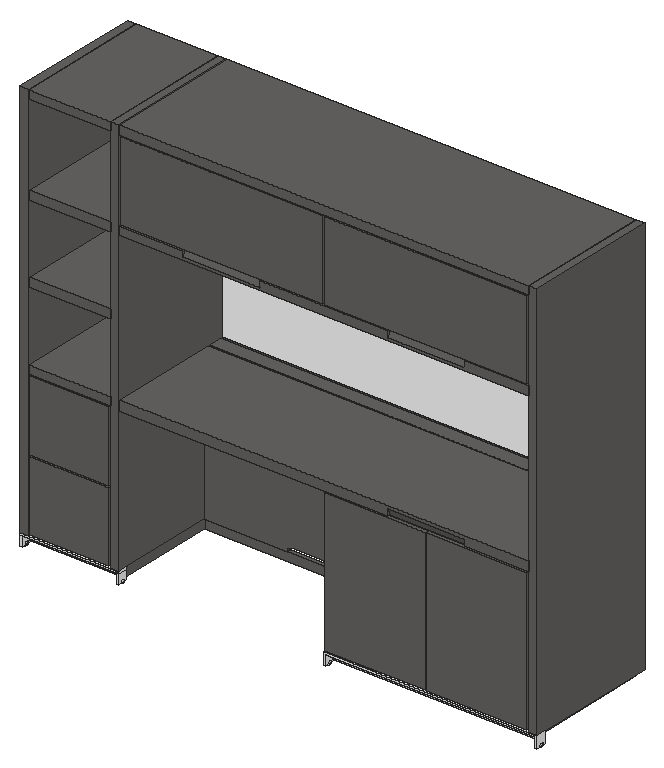
Revit family "Storage-Wall-Teknion-ZXLR_74_High_Without_Lights-R2011", category Furniture Systems, Revit 2013
Parameters (values of type "(See Type Catalog)")
  Working Wall Finish [instance] = Glass - Teknion - K6 - White Backpainted
  Width = 92.642"
  Warranty = "http://www.teknionstudio.com/pdfs/Teknion%20Studio%20Warranty.pdf"
  Wall Unit Finish [instance] = Veneer - Teknion - P7 - Grey Oak
  Unit Weight = 685.00 lbf
  URL = "www.teknionstudio.com"
  Tabletop Cutout Offset = if(Has Double Doors, 0", 4")  # 0"
  Storage Tower = Storage-Unit-Teknion-Tower : Upper Shelves & File/File Pedestal
  Series = "B&B Italia"
  Product Page URL = "http://www.teknionstudio.com/acexecutive/"
  Product Line = "AC Executive"
  Product Documentation Link = "http://www.teknionstudio.com/pricing/ac_executive_storage_walls_ppg.pdf"
  Part Number = "ZXLR"
  Model = ""
  Manufacturer Phone = "919-464-2920"
  Manufacturer Fax = "919-464-2927"
  Manufacturer Email = "customersupport@teknionstudio.com"
  Manufacturer Address = "3940 US 70 Business HWY West, Clayton, NC 27520"
  Manufacturer = "Teknion Studio"  # constant formula
  Low Emitting Material = yes
  Low Emitting Finish = yes
  Height = 73.81394"
  Has File File Drawers = not(Has Double Doors)  # no
  Has Double Doors = yes
  Description = ""
  Depth = 24"
  Assembly Code = "E2020200"
Reference planes (in)
  plane 1 "Center F/B": y = 0
  plane 2: z = 0
  plane 3 "Back": y = 12
  plane 4 "Front": y = -12
  plane 5 "Top": z = 73.81394
  plane 6: x = 28.60446
  plane 7: z = 29.68402
  plane 8: z = 56.1289
  plane 9: x = -44.7815
  plane 10: z = 2.1289
  plane 11: x = -8.08858
  plane 12 "Foot Centerline": y = -11.2126
  plane 13 "Tabletop Cutout": y = -12
  plane 14 "Foot Centerline Front": y = -10.22835
  plane 15 "Foot Centerline Back": y = 10.22835
  plane 16: y = -8.484
  plane 17 "Left": x = -62.49817
  plane 18 "Right": x = 30.14383
  plane 19 "Center L/R": x = -16.17717
Forms (in)
  Sweep 1, solid, material "Veneer - Teknion - P7 - Grey Oak" <- "Wall Unit Finish"
    path origin (0, 0, 15.40683) x (-1, 0, 0) y (0, -1, 0)
      loop
        line (0, -12) -> (0, 12)
    profile origin (0, 0, 15.40683) x (1, 0, 0) y (0, 0, 1)
      loop
        line (30.14383, -13.27793) -> (30.14383, 58.4071) -> (28.60446, 58.4071) -> (28.60446, -13.27793) -> (30.14383, -13.27793)
  Sweep 2, solid, material "Metal - Teknion - C6 - Chrome"
    path origin (0, 0, 0) x (1, 0, 0) y (0, 0, 1)
      loop
        line (-8.08858, 0.05803) -> (-8.08858, 2.1289) -> (30.14383, 2.1289) -> (30.14383, 0.05803)
    profile origin (11.02763, 0, 2.1289) x (0, 0, 1) y (0, -1, 0)
      loop
        line (0, 12) -> (-0.394, 12) -> (-0.394, 10.4252) -> (0, 10.4252) -> (0, 12)
  Sweep 3, solid, material "Metal - Teknion - C6 - Chrome"
    path origin (0, 0, 0) x (1, 0, 0) y (0, 0, 1)
      loop
        line (-8.08858, 2.1289) -> (30.14383, 2.1289)
    profile origin (11.02763, 0, 2.1289) x (0, 0, 1) y (0, -1, 0)
      loop
        line (-0.394, 10.6222) -> (-1.5748, 10.6222) -> (-1.5748, 10.4252) -> (-0.394, 10.4252) -> (-0.394, 10.6222)
  Revolve 4, solid, material "Metal - Teknion - C6 - Chrome"
    sketch origin (0.39385, -11.2126, 0) x (0, 0, -1) y (1, 0, 0)
      loop
        line (-0.4911, -8.28543) -> (-0.4911, -8.62008) -> (-0.45173, -8.65945) -> (-0.28492, -8.65945) -> (-0.24555, -8.62008) -> (-0.20618, -8.65945) -> (-0.03937, -8.65945) -> (0, -8.62008) -> (0, -8.28543) -> (-0.4911, -8.28543)
      axis (0, -8.28543) -> (-0.4911, -8.28543)
    angle from 0 to 360
  Sweep 5, solid, material "Veneer - Teknion - P7 - Grey Oak" <- "Wall Unit Finish"
    path origin (0, 0, 0) x (1, 0, 0) y (0, 0, 1)
      loop
        line (-44.7815, 29.68402) -> (28.60446, 29.68402)
    profile origin (-8.08852, 0, 29.68402) x (0, 0, 1) y (0, -1, 0)
      loop
        line (0, 12) -> (-1.7638, 12) -> (-1.7638, -7.11393) -> (-5.30827, -7.11393) -> (-5.30827, -7.08268) -> (-27.55512, -7.08268) -> (-27.55512, -7.11393) -> (-29.0945, -7.11393) -> (-29.0945, -7.80668) -> (-5.30828, -7.80668) -> (-5.30828, -12) -> (44.12992, -12) -> (44.12992, 12) -> (42.59022, 12) -> (42.59022, 11.2126) -> (27.98392, 11.2126) -> (27.98392, 12) -> (26.44488, 12) -> (26.44488, -10.94094) -> (0, -10.94094) -> (0, -10.90969) -> (-0.72441, -10.90969) -> (-0.72441, -10.56693) -> (0, -10.56693) -> (0, -8.05709) -> (-0.72441, -8.05709) -> (-0.72441, -7.80709) -> (0, -7.80709) -> (0, 12)
  Sweep 6, solid, material "Veneer - Teknion - P7 - Grey Oak" <- "Wall Unit Finish"
    path origin (0, 0, 0) x (1, 0, 0) y (0, 0, 1)
      loop
        line (-8.08858, 29.68402) -> (28.60446, 29.68402)
    profile origin (10.25794, 0, 29.68402) x (0, 0, 1) y (0, -1, 0)
      loop
        line (-1.7638, 11.27559) -> (-27.55512, 11.27559) -> (-27.55512, 10.4252) -> (-29.0945, 10.4252) -> (-29.0945, -12) -> (-1.7638, -12) -> (-1.7638, 11.27559)
  Sweep 7, solid, material "Veneer - Teknion - P7 - Grey Oak" <- "Wall Unit Finish"
    path origin (0, 0, 15.40683) x (-1, 0, 0) y (0, -1, 0)
      loop
        line (16.17717, 12) -> (16.17717, 11.276)
    profile origin (-16.17717, -11.638, 15.40683) x (-1, 0, 0) y (0, 0, 1)
      loop
        line (28.35433, 42.5111) -> (28.35433, 56.6174) -> (-7.96358, 56.6174) -> (-7.96358, 42.5111) -> (28.35433, 42.5111)
      loop
        line (-8.21358, 56.6174) -> (-44.53163, 56.6174) -> (-44.53163, 42.5111) -> (-8.21358, 42.5111) -> (-8.21358, 56.6174)
  Sweep 8, solid, material "Veneer - Teknion - P7 - Grey Oak" <- "Wall Unit Finish", visible <- "Has Double Doors"
    path origin (0, 0, 15.40683) x (-1, 0, 0) y (0, -1, 0)
      loop
        line (16.17717, 12) -> (16.17717, 11.276)
    profile origin (-16.17717, -11.638, 15.40683) x (-1, 0, 0) y (0, 0, 1)
      loop
        line (-44.5315, 12.26339) -> (-44.5315, -13.03482) -> (-26.54031, -13.03482) -> (-26.54031, 12.26339) -> (-44.5315, 12.26339)
      loop
        line (-26.29031, 12.26339) -> (-26.29031, -13.03482) -> (-8.33858, -13.03482) -> (-8.33858, 12.26339) -> (-26.29031, 12.26339)
  Sweep 9, solid, material "Veneer - Teknion - P7 - Grey Oak" <- "Wall Unit Finish", visible <- "Has File File Drawers"
    path origin (0, 0, 15.40683) x (-1, 0, 0) y (0, -1, 0)
      loop
        line (16.17717, 12) -> (16.17717, 11.276)
    profile origin (-16.17717, -11.638, 15.40683) x (-1, 0, 0) y (0, 0, 1)
      loop
        line (-44.5315, 12.26339) -> (-44.5315, 0.01144) -> (-8.33858, 0.01144) -> (-8.33858, 12.26339) -> (-44.5315, 12.26339)
      loop
        line (-8.33858, -0.77597) -> (-44.5315, -0.77597) -> (-44.5315, -13.03482) -> (-8.33858, -13.03482) -> (-8.33858, -0.77597)
  Sweep 10, void
    path origin (0, 0, 0) x (1, 0, 0) y (0, 0, 1)
      loop
        line (3.34838, 29.68402) -> (17.12791, 29.68402)
    profile origin (10.23815, 0, 29.68402) x (0, 0, 1) y (0, -1, 0)
      loop
        line (-1.7638, 12) -> (-1.7638, 11.52756) -> (-0.66143, 12) -> (-1.7638, 12)
  Sweep 11, void
    path origin (0, 0, 0) x (1, 0, 0) y (0, 0, 1)
      loop
        line (-33.3248, 56.1289) -> (-19.54528, 56.1289)
    profile origin (-26.43504, 0, 56.1289) x (0, 0, 1) y (0, -1, 0)
      loop
        line (1.53937, 12) -> (0.43699, 12) -> (1.53937, 11.52755) -> (1.53937, 12)
  Sweep 12, void
    path origin (0, 0, 0) x (1, 0, 0) y (0, 0, 1)
      loop
        line (3.36811, 56.1289) -> (17.14764, 56.1289)
    profile origin (10.25787, 0, 56.1289) x (0, 0, 1) y (0, -1, 0)
      loop
        line (1.53937, 11.52755) -> (1.53937, 12) -> (0.43699, 12) -> (1.53937, 11.52755)
  Sweep 13, void
    path origin (0, 0, 15.40683) x (-1, 0, 0) y (0, -1, 0)
      loop
        line (0, -7.80668) -> (0, -7.08268)
    profile origin (0, 7.44468, 15.40683) x (1, 0, 0) y (0, 0, 1)
      loop
        line (-29.86024, 8.96892) -> (-29.86024, 8.10396)
        arc (-29.86024, 8.10396) -> (-29.62961, 7.54718) -> (-29.07283, 7.31655) r 0.7874
        line (-29.07283, 7.31655) -> (-23.75787, 7.31655)
        arc (-23.75787, 7.31655) -> (-23.2011, 7.54718) -> (-22.97047, 8.10396) r 0.7874
        line (-22.97047, 8.10396) -> (-22.97047, 8.96892) -> (-29.86024, 8.96892)
      loop
        line (-22.97047, -13.27793) -> (-22.97047, -13.12045)
        arc (-22.97047, -13.12045) -> (-23.18957, -12.59152) -> (-23.7185, -12.37242) r 0.74803
        line (-23.7185, -12.37242) -> (-29.1122, -12.37242)
        arc (-29.1122, -12.37242) -> (-29.64114, -12.59152) -> (-29.86024, -13.12045) r 0.74803
        line (-29.86024, -13.12045) -> (-29.86024, -13.27793) -> (-22.97047, -13.27793)
  Revolve 14, solid, material "Metal - Teknion - C6 - Chrome"
    sketch origin (38.23227, -11.2126, 0) x (0, 0, -1) y (1, 0, 0)
      loop
        line (-0.4911, -8.28543) -> (-0.4911, -8.62008) -> (-0.45173, -8.65945) -> (-0.28492, -8.65945) -> (-0.24555, -8.62008) -> (-0.20618, -8.65945) -> (-0.03937, -8.65945) -> (0, -8.62008) -> (0, -8.28543) -> (-0.4911, -8.28543)
      axis (0, -8.28543) -> (-0.4911, -8.28543)
    angle from 0 to 360
Cuts and joins
  joined: Sweep 2, Sweep 3, Revolve 4
  Sweep 10, Sweep 11, Sweep 12, Sweep 13 cuts Sweep 5
Lines and regions (in)
  Masking region 1
    outline origin (0, 0, 15.40683) x (-1, 0, 0) y (0, -1, 0)
      loop
        line (44.7815, -12) -> (44.7815, 12) -> (-30.14383, 12) -> (-30.14383, -12) -> (44.7815, -12)
  symbolic lines, style "Elevation Swing"
    curve 1: line (-44.7815, -12, 57.66827) -> (-26.43504, -12, 72.02424)
    curve 2: line (-8.08858, -12, 57.66832) -> (-26.43504, -12, 72.02424)
    curve 3: line (-8.08858, 0, 57.66832) -> (10.25794, 0, 72.19583)
    curve 4: line (10.25794, 0, 72.19583) -> (28.60446, 0, 57.66827)
  symbolic lines, style "Elevation Swing", visible <- "Has Double Doors"
    curve 5: line (10.11315, 0, 27.67022) -> (-7.83858, 0, 15.02111)
    curve 6: line (-7.83858, 0, 15.02111) -> (10.11315, 0, 2.37201)
    curve 7: line (10.36315, 0, 2.37201) -> (28.35433, 0, 15.02456)
    curve 8: line (28.35433, 0, 15.02456) -> (10.36315, 0, 27.67022)
  symbolic lines, detail levels medium+fine
    curve 9: line (-8.08858, 12, 15.40683) -> (-8.08858, -12, 15.40683)
  symbolic lines, style "FurnitureSystemsHiddenLines", detail levels fine
    curve 10: line (28.60433, -11.276, 15.40683) -> (-8.08858, -11.276, 15.40683)
    curve 15: line (28.60433, 12, 15.40683) -> (28.60433, -12, 15.40683)
  symbolic lines, visible <- "Has Double Doors"
    curve 11: arc (10.25794, -12, 15.40683) -> (15.63147, -24.97286, 15.40683) -> (28.60433, -30.34639, 15.40683) r 18.34639
    curve 12: line (-8.08858, -12, 15.40683) -> (-8.08858, -30.34652, 15.40683)
    curve 13: line (28.60433, -12, 15.40683) -> (28.60433, -30.34639, 15.40683)
    curve 14: arc (-8.08858, -30.34652, 15.40683) -> (4.88437, -24.97295, 15.40683) -> (10.25794, -12, 15.40683) r 18.34652
Dimensions and locks (in)
  plane 17 "Left" to plane 18 "Right" = 92.642"
  equal spacing: plane 3 "Back", plane 1 "Center F/B", plane 4 "Front"
  "Depth": plane 3 "Back" to plane 4 "Front"
  "Height": plane 5 "Top" to plane 2
  locked: plane 7 to plane 2 at 29.68402
  locked: plane 8 to plane 7 at 26.44488
  locked: plane 10 to plane 2 at 2.1289
  locked: Sweep 2 sketch curve to plane 2 at 0.05803  (x2)
  locked: plane 10 to Sweep 3 sketch curve at 0.394
  locked: Sweep 3 sketch curve to Sweep 3 sketch curve at 1.1808
  plane 4 "Front" to Sweep 3 sketch curve to Sweep 3 sketch curve = 1.3778" locked, 0.197" locked
  locked: Revolve 4 sketch curve to plane 2 at 0.4911
  plane 11 to Revolve 4 sketch curve = 0.17702"  (x2)
  Revolve 4 sketch curve to Revolve 4 sketch curve to Revolve 4 sketch curve to Revolve 4 sketch curve to Revolve 4 sketch curve to plane 2 = 0.16681" locked, 0.03937" locked, 0.03937" locked, 0.16681" locked, 0.03937" locked
  Revolve 4 sketch curve to plane 11 = 0.197"
  locked: plane 4 "Front" to plane 12 "Foot Centerline" at 0.7874
  locked: plane 10 to Sweep 5 sketch curve at 1.53939
  locked: plane 7 to Sweep 5 sketch curve at 1.7638
  Sweep 6 sketch curve to Sweep 6 sketch curve to plane 3 "Back" = 23.27559", 0"
  locked: plane 7 to Sweep 6 sketch curve at 1.7638
  locked: plane 4 "Front" to Sweep 6 sketch curve at 1.5748
  locked: plane 4 "Front" to Sweep 7 sketch curve at 0.724
  plane 5 "Top" to Sweep 7 sketch curve to Sweep 7 sketch curve = 1.7897" locked, 14.1063" locked  (x2)
  Sweep 7 sketch curve to Sweep 7 sketch curve to Sweep 7 sketch curve to Sweep 7 sketch curve = 36.31805", 1/4", 36.31791"
  locked: plane 4 "Front" to Sweep 8 sketch curve at 0.724
  locked: plane 4 "Front" to Sweep 9 sketch curve at 0.724
  locked: Sweep 10 sketch curve to Sweep 10 sketch curve at 13.77953
  locked: plane 7 to Sweep 10 sketch curve at 1.7638
  locked: plane 13 "Tabletop Cutout" to Sweep 10 sketch curve at 0.47244
  "Tabletop Cutout Offset": plane 13 "Tabletop Cutout" to plane 4 "Front"
  locked: Sweep 11 sketch curve to Sweep 11 sketch curve at 13.77953
  locked: Sweep 11 sketch curve to plane 8 at 1.53937
  locked: Sweep 11 sketch curve to plane 8 at 0.43699
  locked: plane 4 "Front" to Sweep 11 sketch curve at 0.47245
  Sweep 12 sketch curve to Sweep 12 sketch curve to plane 8 = 1.10238" locked, 0.43699" locked
  locked: plane 4 "Front" to Sweep 12 sketch curve at 0.47245
  plane 3 "Back" to Sweep 13 sketch curve to Sweep 13 sketch curve = 4.19332" locked, 0.724" locked
  equal spacing: plane 11, curve 2, plane 9
  equal spacing: plane 6, curve 4, plane 11
  locked: plane 4 "Front" to curve 10 at 0.724
  locked: plane 3 "Back" to plane 15 "Foot Centerline Back" at 1.77165
  locked: plane 4 "Front" to plane 14 "Foot Centerline Front" at 1.77165
  locked: plane 4 "Front" to plane 16 at 3.516
  locked: plane 17 "Left" to plane 9 at 17.71667
  locked: Sweep 8 sketch curve to Sweep 8 sketch curve at 25.29821  (x2)
  Sweep 8 sketch curve to Sweep 8 sketch curve to Sweep 8 sketch curve to Sweep 8 sketch curve = 17.95173" locked, 1/4" locked, 17.99118" locked
  Sweep 9 sketch curve to Sweep 9 sketch curve to Sweep 9 sketch curve to Sweep 9 sketch curve = 12.25195" locked, 0.7874" locked, 12.25886" locked
  locked: Sweep 9 sketch curve to Sweep 9 sketch curve at 36.19291  (x2)
  equal spacing: curve 12, curve 14, plane 6
  locked: Sweep 13 sketch curve to Sweep 13 sketch curve at 6.88976  (x2)
  locked: Sweep 13 sketch curve to Sweep 13 sketch curve at 1.65236
  locked: Sweep 1 sketch curve to plane 6 at 1.53937
  locked: plane 6 to Sweep 2 sketch curve at 1.53937
  locked: Sweep 3 sketch curve to plane 6 at 1.53937
  Revolve 14 sketch curve to Revolve 14 sketch curve to Revolve 14 sketch curve to Revolve 14 sketch curve to Revolve 14 sketch curve = 0.16681" locked, 0.03937" locked, 0.03937" locked, 0.16681" locked
  locked: plane 6 to Sweep 10 sketch curve at 11.47655
  locked: plane 11 to Sweep 11 sketch curve at 11.45669
  Sweep 12 sketch curve to Sweep 12 sketch curve to plane 11 = 13.77953" locked, 11.45669" locked
  locked: Sweep 13 sketch curve to plane 11 at 14.88189
  locked: plane 11 to Sweep 13 sketch curve at 14.88189
  locked: plane 11 to Sweep 9 sketch curve at 0.25
  locked: Sweep 9 sketch curve to plane 11 at 0.25
  locked: plane 7 to Sweep 9 sketch curve at 2.0138
  locked: Sweep 8 sketch curve to plane 11 at 0.25
  locked: plane 7 to Sweep 8 sketch curve at 2.0138  (x2)
  locked: plane 6 to plane 18 "Right" at 1.53937
  equal spacing: plane 17 "Left", plane 19 "Center L/R", plane 18 "Right"
  locked: plane 19 "Center L/R" to plane 11 at 8.08858
  locked: Sweep 7 sketch curve to plane 6 at 0.25
  locked: plane 18 "Right" to Revolve 14 sketch curve at 0.197
  locked: Revolve 4 sketch curve to plane 11 at 0.197
  aligned and locked: level to plane 2
  aligned and locked: plane 3 "Back" to Sweep 1 sketch curve
  aligned and locked: plane 4 "Front" to Sweep 1 sketch curve
  aligned and locked: Sweep 2 sketch curve to plane 10  (x2)
  aligned and locked: Sweep 2 sketch curve to plane 4 "Front"
  aligned and locked: Sweep 3 sketch curve to plane 10
  aligned and locked: plane 2 to Revolve 4 sketch curve
  aligned and locked: Revolve 4 sketch curve to plane 2
  aligned and locked: plane 9 to Sweep 5 sketch curve
  aligned and locked: plane 6 to Sweep 5 sketch curve
  aligned and locked: Sweep 5 sketch curve to plane 7  (x4)
  aligned and locked: Sweep 5 sketch curve to plane 4 "Front"
  aligned and locked: plane 3 "Back" to Sweep 5 sketch curve
  aligned and locked: Sweep 6 sketch curve to plane 7
  aligned and locked: plane 10 to Sweep 6 sketch curve
  aligned and locked: plane 4 "Front" to Sweep 7 sketch curve
  aligned and locked: Sweep 5 sketch curve to plane 8
  aligned and locked: plane 4 "Front" to Sweep 8 sketch curve
  aligned and locked: plane 4 "Front" to Sweep 9 sketch curve
  aligned and locked: Sweep 10 sketch curve to plane 7
  aligned and locked: plane 13 "Tabletop Cutout" to Sweep 10 sketch curve
  aligned and locked: Sweep 11 sketch curve to plane 8
  aligned and locked: Sweep 12 sketch curve to plane 8
  aligned and locked: Sweep 12 sketch curve to plane 4 "Front"
  aligned and locked: plane 9 to curve 1
  aligned and locked: plane 11 to curve 2
  aligned and locked: Sweep 7 to curve 2
  aligned and locked: plane 6 to curve 4
  aligned and locked: Masking region 1 sketch curve to plane 3 "Back"
  aligned and locked: Masking region 1 sketch curve to plane 4 "Front"
  aligned and locked: plane 3 "Back" to curve 9
  aligned and locked: plane 4 "Front" to curve 9
  aligned and locked: plane 3 "Back" to curve 15
  aligned and locked: plane 4 "Front" to curve 15
  aligned and locked: plane 4 "Front" to Sweep 11 sketch curve
  aligned and locked: Sweep 5 sketch curve to plane 5 "Top"
  aligned and locked: plane 12 "Foot Centerline" to Sweep 5 sketch curve
  aligned and locked: plane 4 "Front" to Sweep 5 sketch curve  (x2)
  aligned and locked: plane 4 "Front" to curve 14
  aligned and locked: Sweep 2 sketch curve to plane 11
  aligned and locked: plane 11 to Sweep 3 sketch curve
  aligned and locked: Sweep 1 sketch curve to plane 6
  aligned and locked: plane 5 "Top" to Sweep 1 sketch curve
  aligned and locked: Sweep 1 sketch curve to plane 10
  aligned and locked: plane 10 to Sweep 13 sketch curve
  aligned and locked: Masking region 1 sketch curve to plane 18 "Right"
  aligned and locked: plane 9 to Masking region 1 sketch curve
  aligned and locked: Sweep 8 sketch curve to plane 19 "Center L/R"
  aligned and locked: plane 1 "Center F/B" to Sweep 6 sketch curve
  aligned and locked: plane 11 to Sweep 6 sketch curve
  aligned and locked: plane 6 to Sweep 6 sketch curve
  aligned and locked: Sweep 9 sketch curve to plane 19 "Center L/R"
  aligned and locked: Sweep 7 sketch curve to plane 19 "Center L/R"
  aligned and locked: nested 1 to plane 2
  aligned and locked: Sweep 8 to curve 7
  aligned and locked: curve 6 to Sweep 8
  aligned and locked: curve 8 to Sweep 8
  aligned and locked: Sweep 8 to curve 5
  aligned and locked: Sweep 8 to Sweep 8
  aligned and locked: Sweep 8 to curve 6
  aligned and locked: curve 7 to Sweep 8
  aligned and locked: Sweep 8 to curve 8
  aligned and locked: Revolve 14 sketch curve to Revolve 14 sketch curve  (x2)
  aligned and locked: Revolve 14 sketch curve to plane 2
  aligned and locked: Revolve 4 sketch curve to Revolve 4 sketch curve
  aligned and locked: plane 9 to nested 1
  aligned and locked: nested 1 to plane 1 "Center F/B"
Automatic sketch dimensions
  curve 9 to plane 11 = 0"
  curve 11 to plane 6 = 0.00013"
  curve 11 to curve 14 = 0"
  plane 8 to curve 2 = 1.53942"
  plane 8 to curve 1 = 1.53937"
  profile plane to Sweep 2 sketch curve = 0.394"
  Sweep 2 sketch curve to Sweep 2 sketch curve = 1.5748"
  Sweep 5 sketch curve to Sweep 5 sketch curve = 1.53939"
  Sweep 5 sketch curve to Sweep 5 sketch curve = 3.54449"
  Sweep 5 sketch curve to Sweep 5 sketch curve = 0"
  profile plane to Sweep 5 sketch curve = 0.72441"  (x2)
  Sweep 5 sketch curve to Sweep 5 sketch curve = 1.53904"
  Sweep 5 sketch curve to Sweep 5 sketch curve = 1.5397"
  Sweep 5 sketch curve to Sweep 5 sketch curve = 1.05906"
  Sweep 5 sketch curve to Sweep 5 sketch curve = 1/32"  (x2)
  Sweep 5 sketch curve to Sweep 5 sketch curve = 0.34277"
  Sweep 5 sketch curve to Sweep 5 sketch curve = 2.50984"
  Sweep 5 sketch curve to Sweep 5 sketch curve = 1/4"
  Sweep 5 sketch curve to plane 1 "Center F/B" = 7.80668"
  Sweep 5 sketch curve to Sweep 5 sketch curve = 0.69275"
  Sweep 5 sketch curve to Sweep 5 sketch curve = 0.69316"
  Sweep 6 sketch curve to plane 11 = 0"
  Sweep 6 sketch curve to plane 6 = 0"
  Sweep 6 sketch curve to Sweep 6 sketch curve = 1.53939"
  profile plane to Sweep 10 sketch curve = 0.66143"
  profile plane to Sweep 13 sketch curve = 8.96892"
  Sweep 13 sketch curve to Sweep 13 sketch curve = 0.74803"  (x2)
  Sweep 13 sketch curve to Sweep 13 sketch curve = 0.7874"  (x2)
  Sweep 13 sketch curve to Sweep 13 sketch curve = 0.15748"
  plane 11 to Sweep 1 sketch curve = 8.08858"
  plane 11 to Sweep 13 sketch curve = 8.08858"
  curve 3 to plane 11 = 0"
  curve 8 to plane 6 = 0.25013"
  curve 8 to curve 5 = 0"
  plane 10 to curve 8 = 12.89566"
  plane 10 to curve 6 = 12.89222"
  plane 10 to curve 6 = 0.24311"
  plane 8 to curve 4 = 1.53937"
  plane 8 to curve 3 = 1.53942"
  curve 3 to plane 5 "Top" = 1.61811"
  level to Revolve 14 sketch curve = 0.03937"
  Revolve 14 sketch curve to Revolve 14 sketch curve = 0.03937"  (x2)
  Revolve 14 sketch curve to Revolve 14 sketch curve = 0.7589"
  Revolve 14 sketch curve to level = 1"
  Revolve 14 sketch curve to plane 18 "Right" = 0.53165"
  Revolve 14 sketch curve to Revolve 14 sketch curve = 0"  (x2)
  Revolve 4 sketch curve to Revolve 4 sketch curve = 0.4777"
  Revolve 4 sketch curve to Revolve 4 sketch curve = 0.03937"  (x2)
Nested families (in)
  nested 1: "Storage-Unit-Teknion-Tower" at (-53.63976, 0, 0) x (-1, 0, 0) z (0, 0, 1), type <- "Storage Tower", Height <- "Height", type "Upper Shelves & File/File Pedestal"
    with Height 73.81394", Has Top Shelf no, Bottom Drawer Height 13.047"
Definition of nested family "Storage-Unit-Teknion-Tower"
  Parameters (values of type "Upper Wardrobe & Lower Door")
    Width = 17.71654"
    Warranty = "http://www.teknionstudio.com/pdfs/Teknion%20Studio%20Warranty.pdf"
    Wall Unit Finish = Veneer - Teknion - P8 - Light Brushed Oak
    URL = "www.teknionstudio.com"
    Series = "B&B Italia"
    Product Line = "AC Executive"
    Model = ""
    Middle Drawer Height = if(Has Top Drawer, 6.425", 12.719")  # 12.719"
    Manufacturer Phone = "919-464-2920"
    Manufacturer Fax = "919-464-2927"
    Manufacturer Email = "customersupport@teknionstudio.com"
    Manufacturer Address = "3940 US 70 Business HWY West, Clayton, NC 27520"
    Manufacturer = "Teknion Studio"  # constant formula
    Height [instance] = 73.81394"
    Has Top Shelf [instance] = and(Height > 75", Has Shelves)  # no
    Has Top Drawer = no
    Has Top Door = yes
    Has Shelves = no
    Has Right Leg = yes
    Has Middle Drawer = no
    Has Lower Shelf = yes
    Has Left Leg = yes
    Has Full Wardrobe Door = no
    Has Doors = yes
    Door Projection Symbol = yes
    Description = "Tower Storage Unit"
    Depth = 24"
    Bottom Drawer Height [instance] = if(Has Middle Drawer, 13.047", if(Has Top Drawer, 13.047", if(Has Full Wardrobe Door, (Height - 3.668"), 26.016")))  # 26.016"
    Assembly Code = "E2010200"
  Types (7): name | Wall Unit Finish | Series | Product Line | Middle Drawer Height | Has Top Drawer | Has Top Door | Has Shelves | Has Middle Drawer | Has Lower Shelf | Has Full Wardrobe Door | Has Doors | Door Projection Symbol | Bottom Drawer Height
    Upper Shelves & Lower Door | none | "AC Executive" | "" | 12.719" | no | no | yes | no | yes | no | yes | yes | 26.016"
    Upper Shelves & File/File Pedestal | none | "AC Executive" | "" | 12.719" | no | no | yes | yes | yes | no | no | no | 13.047"
    Upper Shelves & Box/Box/File Pedestal | Veneer - Teknion - P8 - Light Brushed Oak | "AC Executive" | "" | 6.425" | yes | no | yes | yes | yes | yes | no | no | 13.047"
    Full Wardrobe | none | "AC Executive" | "" | 12.719" | no | no | no | no | no | yes | yes | yes | 70.14594"
    Upper Wardrobe & Lower Door | Veneer - Teknion - P8 - Light Brushed Oak | "B&B Italia" | "AC Executive" | 12.719" | no | yes | no | no | yes | no | yes | yes | 26.016"
    Upper Wardrobe & File/File Pedestal | none | "AC Executive" | "" | 12.719" | no | yes | no | yes | yes | no | no | yes | 13.047"
    Upper Wardrobe & Box/Box/File Pedestal | none | "AC Executive" | "" | 6.425" | yes | yes | no | yes | yes | no | no | yes | 13.047"
  Reference planes (in)
    plane 1 "Center F/B": y = 0
    plane 2: z = 0
    plane 3 "Center L/R": x = 0
    plane 4 "Left": x = -8.85827
    plane 5 "Right": x = 8.85827
    plane 6 "Back": y = 12
    plane 7 "Front": y = -12
    plane 8 "Top": z = 73.81394
    plane 9: x = -7.3189
    plane 10: x = 7.3189
    plane 11: z = 2.1289
    plane 12 "Foot Centerline": y = -11.2126
    plane 13: z = 29.68402
    plane 14 "Drawer 1 Top": z = 28.1449
    plane 15 "Drawer 2 Top": z = 40.8639
    plane 16 "Drawer 3 Top": z = 27.89502
    plane 17: z = 42.13677
  Forms (in)
    Sweep 1, solid, material "Metal - Teknion - C6 - Chrome", visible <- "Has Left Leg"
      path origin (0, -12, 0) x (1, 0, 0) y (0, 0, 1)
        loop
          line (-8.85827, 1.7349) -> (-8.85827, 0.05803)
      profile origin (-8.85827, -12, 0.89646) x (0, -1, 0) y (1, 0, 0)
        loop
          line (-1.5748, 0) -> (0, 0) -> (0, 0.394) -> (-1.5748, 0.394) -> (-1.5748, 0)
    Sweep 2, solid, material "Metal - Teknion - C6 - Chrome"
      path origin (0, -12, 0) x (1, 0, 0) y (0, 0, 1)
        loop
          line (-8.46427, 2.1289) -> (8.46427, 2.1289)
      profile origin (0, -12, 2.1289) x (0, 0, 1) y (0, -1, 0)
        loop
          line (-0.394, -1.5748) -> (-0.394, -1.3778) -> (-1.575, -1.3778) -> (-1.575, -1.5748) -> (-0.394, -1.5748)
    Revolve 3, solid, material "Metal - Teknion - C6 - Chrome"
      sketch origin (0, -11.2126, 0) x (0, 0, -1) y (1, 0, 0)
        loop
          line (-0.4911, 8.32677) -> (-0.45173, 8.2874) -> (-0.28492, 8.2874) -> (-0.24555, 8.32677) -> (-0.20618, 8.2874) -> (-0.03937, 8.2874) -> (0, 8.32677) -> (0, 8.66142) -> (-0.4911, 8.66142) -> (-0.4911, 8.32677)
        axis (0, 8.66142) -> (-0.4911, 8.66142)
      angle from 0 to 360
    Revolve 4, solid, material "Metal - Teknion - C6 - Chrome", visible <- "Has Left Leg"
      sketch origin (0, -11.2126, 0) x (0, 0, -1) y (1, 0, 0)
        loop
          line (0, -8.99606) -> (0, -8.66142) -> (-0.4911, -8.66142) -> (-0.4911, -8.99606) -> (-0.45173, -9.03543) -> (-0.28492, -9.03543) -> (-0.24555, -8.99606) -> (-0.20618, -9.03543) -> (-0.03937, -9.03543) -> (0, -8.99606)
        axis (0, -8.66142) -> (-0.4911, -8.66142)
      angle from 0 to 360
    Sweep 5, solid, material "Veneer - Teknion - P8 - Light Brushed Oak" <- "Wall Unit Finish"
      path origin (0, 0, 0) x (1, 0, 0) y (0, 0, 1)
        loop
          line (0, 2.1289) -> (0, 73.81394)
      profile origin (0, 0, 37.97142) x (-1, 0, 0) y (0, -1, 0)
        loop
          line (8.85827, -12) -> (8.85827, 12) -> (7.3189, 12) -> (7.3189, -12) -> (8.85827, -12)
        loop
          line (-7.3189, 12) -> (-8.85827, 12) -> (-8.85827, -12) -> (-7.3189, -12) -> (-7.3189, 12)
    Sweep 6, solid, material "Veneer - Teknion - P8 - Light Brushed Oak" <- "Wall Unit Finish"
      path origin (0, 0, 15.40683) x (-1, 0, 0) y (0, -1, 0)
        loop
          line (0, -12) -> (0, 12)
      profile origin (0, 0, 15.40683) x (1, 0, 0) y (0, 0, 1)
        loop
          line (-7.3189, 58.4071) -> (-7.3189, 56.86773) -> (7.3189, 56.86773) -> (7.3189, 58.4071) -> (-7.3189, 58.4071)
    Sweep 7, solid, material "Veneer - Teknion - P8 - Light Brushed Oak" <- "Wall Unit Finish"
      path origin (0, -12, 0) x (1, 0, 0) y (0, 0, 1)
        loop
          line (0, 2.1289) -> (0, 72.27457)
      profile origin (0, -12, 37.20173) x (-1, 0, 0) y (0, -1, 0)
        loop
          line (7.3189, -24) -> (7.3189, -23.25) -> (-7.3189, -23.25) -> (-7.3189, -24) -> (7.3189, -24)
    Sweep 8, solid, material "Veneer - Teknion - P8 - Light Brushed Oak" <- "Wall Unit Finish", visible <- "Has Lower Shelf"
      path origin (0, -12, 0) x (1, 0, 0) y (0, 0, 1)
        loop
          line (-7.3189, 29.68402) -> (7.3189, 29.68402)
      profile origin (0, -12, 29.68402) x (0, 0, 1) y (0, -1, 0)
        loop
          line (0, 0) -> (-1.539, 0) -> (-1.539, -0.724) -> (-27.55512, -0.724) -> (-27.55512, -23.25) -> (0, -23.25) -> (0, 0)
    Sweep 9, solid, material "Veneer - Teknion - P8 - Light Brushed Oak" <- "Wall Unit Finish"
      path origin (0, -12, 0) x (1, 0, 0) y (0, 0, 1)
        loop
          line (0, 2.3789) -> (0, 27.8949)
      profile origin (0, -12, 15.1369) x (-1, 0, 0) y (0, -1, 0)
        loop
          line (7.0689, -0.724) -> (7.0689, 0) -> (-7.0689, 0) -> (-7.0689, -0.724) -> (7.0689, -0.724)
    Sweep 10, solid, material "Veneer - Teknion - P8 - Light Brushed Oak" <- "Wall Unit Finish", visible <- "Has Middle Drawer"
      path origin (0, -12, 0) x (1, 0, 0) y (0, 0, 1)
        loop
          line (0, 28.1449) -> (0, 40.8639)
      profile origin (0, -12, 34.5044) x (-1, 0, 0) y (0, -1, 0)
        loop
          line (7.0689, -0.724) -> (7.0689, 0) -> (-7.0689, 0) -> (-7.0689, -0.724) -> (7.0689, -0.724)
    Sweep 11, solid, material "Veneer - Teknion - P8 - Light Brushed Oak" <- "Wall Unit Finish", visible <- "Has Top Drawer"
      path origin (0, -12, 0) x (1, 0, 0) y (0, 0, 1)
        loop
          line (0, 47.15802) -> (0, 41.1139)
      profile origin (0, -12, 44.13596) x (0, -1, 0) y (1, 0, 0)
        loop
          line (0, 7.0689) -> (-0.724, 7.0689) -> (-0.724, -7.0689) -> (0, -7.0689) -> (0, 7.0689)
    Sweep 12, solid, material "Veneer - Teknion - P8 - Light Brushed Oak" <- "Wall Unit Finish", visible <- "Has Shelves"
      path origin (0, -12, 0) x (1, 0, 0) y (0, 0, 1)
        loop
          line (0, 42.13677) -> (0, 43.67614)
      profile origin (0, -12, 42.90646) x (-1, 0, 0) y (0, -1, 0)
        loop
          line (7.3189, -23.25) -> (7.3189, 0) -> (-7.3189, 0) -> (-7.3189, -23.25) -> (7.3189, -23.25)
    Sweep 13, solid, material "Veneer - Teknion - P8 - Light Brushed Oak" <- "Wall Unit Finish", visible <- "Has Shelves"
      path origin (0, -12, 13.9918) x (1, 0, 0) y (0, 0, 1)
        loop
          line (0, 42.13677) -> (0, 43.67614)
      profile origin (0, -12, 56.89825) x (-1, 0, 0) y (0, -1, 0)
        loop
          line (7.3189, -23.25) -> (7.3189, 0) -> (-7.3189, 0) -> (-7.3189, -23.25) -> (7.3189, -23.25)
    Sweep 14, solid, material "Veneer - Teknion - P8 - Light Brushed Oak" <- "Wall Unit Finish", visible <- "Has Top Door"
      path origin (0, -12, 0) x (1, 0, 0) y (0, 0, 1)
        loop
          line (0, 29.93402) -> (0, 72.02457)
      profile origin (0, -12, 50.97929) x (-1, 0, 0) y (0, -1, 0)
        loop
          line (7.0689, -0.724) -> (7.0689, 0) -> (-7.0689, 0) -> (-7.0689, -0.724) -> (7.0689, -0.724)
    Sweep 15, solid, material "Veneer - Teknion - P8 - Light Brushed Oak" <- "Wall Unit Finish"
      path origin (0, -12, 0) x (1, 0, 0) y (0, 0, 1)
        loop
          line (-8.85827, 2.1289) -> (8.85827, 2.1289)
      profile origin (0, -12, 2.1289) x (0, 0, 1) y (0, -1, 0)
        loop
          line (0, -1.5748) -> (-1.53937, -1.5748) -> (-1.53937, -24) -> (0, -24) -> (0, -1.5748)
    Sweep 16, solid, material "Veneer - Teknion - P8 - Light Brushed Oak" <- "Wall Unit Finish", visible <- "Has Top Shelf"
      path origin (0, 0, 0) x (1, 0, 0) y (0, 0, 1)
        loop
          line (0, 73.81394) -> (0, 72.27457)
      profile origin (0, 0, 73.04425) x (0, -1, 0) y (1, 0, 0)
        loop
          line (-11.25, -7.3189) -> (12, -7.3189) -> (12, 7.3189) -> (-11.25, 7.3189) -> (-11.25, -7.3189)
    Sweep 17, solid, material "Metal - Teknion - C6 - Chrome"
      path origin (0, 0, 0) x (1, 0, 0) y (0, 0, 1)
        loop
          line (-8.85827, 2.1289) -> (8.85827, 2.1289)
      profile origin (0, 0, 2.1289) x (0, 0, 1) y (0, -1, 0)
        loop
          line (0, 10.4252) -> (0, 12) -> (-0.394, 12) -> (-0.394, 10.4252) -> (0, 10.4252)
    Sweep 18, solid, material "Metal - Teknion - C6 - Chrome"
      path origin (0, 0, 0) x (1, 0, 0) y (0, 0, 1)
        loop
          line (8.85827, 1.7349) -> (8.85827, 0.05803)
      profile origin (8.85827, 0, 0.89646) x (0, -1, 0) y (1, 0, 0)
        loop
          line (10.4252, -0.394) -> (12, -0.394) -> (12, 0) -> (10.4252, 0) -> (10.4252, -0.394)
  Lines and regions (in)
    Masking region 1
      outline origin (0, 0, 15.40683) x (-1, 0, 0) y (0, -1, 0)
        loop
          line (8.85827, -12) -> (8.85827, 12) -> (-8.85827, 12) -> (-8.85827, -12) -> (8.85827, -12)
    symbolic lines, style "FurnitureSystems", detail levels medium+fine
      curve 1: line (-7.3189, 12, 15.40683) -> (-7.3189, -12, 15.40683)
      curve 2: line (7.3189, 12, 15.40683) -> (7.3189, -12, 15.40683)
    symbolic lines, style "FurnitureSystemsHiddenLines", detail levels fine
      curve 3: line (-7.3189, -11.276, 15.40683) -> (7.3189, -11.276, 15.40683)
    symbolic lines, style "Elevation Swing", visible <- "Has Doors"
      curve 4: line (-7.3189, -12, 2.1289) -> (7.3189, -12, 15.1369)
      curve 5: line (7.3189, -12, 15.1369) -> (-7.3189, -12, 28.1449)
    symbolic lines, style "Elevation Swing", visible <- "Has Top Door"
      curve 6: line (-7.3189, -12, 29.68402) -> (7.3189, -12, 50.97929)
      curve 7: line (7.3189, -12, 50.97929) -> (-7.3189, -12, 72.27457)
    symbolic lines, style "FurnitureSystems", visible <- "Door Projection Symbol"
      curve 8: arc (-7.3189, -12, 0) -> (-3.03159, -22.35048, 0) -> (7.3189, -26.6378, 0) r 14.6378
    symbolic lines, visible <- "Door Projection Symbol"
      curve 9: line (7.3189, -12, 15.40683) -> (7.3189, -26.6378, 15.40683)
  Dimensions and locks (in)
    equal spacing: plane 4 "Left", plane 3 "Center L/R", plane 5 "Right"
    "Width": plane 4 "Left" to plane 5 "Right"
    equal spacing: plane 6 "Back", plane 1 "Center F/B", plane 7 "Front"
    "Depth": plane 6 "Back" to plane 7 "Front"
    locked: plane 4 "Left" to plane 9 at 1.53937
    locked: plane 10 to plane 5 "Right" at 1.53937
    "Height": plane 8 "Top" to level
    locked: Sweep 1 sketch curve to level at 0.05803
    locked: plane 11 to plane 2 at 2.1289
    plane 11 to Sweep 2 sketch curve to Sweep 2 sketch curve = 0.394" locked, 1.181" locked
    plane 7 "Front" to Sweep 2 sketch curve to Sweep 2 sketch curve = 1.3778" locked, 0.197" locked
    locked: Revolve 3 sketch curve to plane 2 at 0.4911  (x2)
    locked: plane 5 "Right" to Revolve 3 sketch curve at 0.57087
    locked: plane 7 "Front" to plane 12 "Foot Centerline" at 0.7874
    Revolve 3 sketch curve to Revolve 3 sketch curve to Revolve 3 sketch curve to Revolve 3 sketch curve to plane 2 = 0.16681" locked, 0.07874" locked, 0.16681" locked, 0.03937" locked
    locked: Revolve 4 sketch curve to plane 2 at 0.4911  (x2)
    locked: Revolve 4 sketch curve to Revolve 4 sketch curve at 0.37402
    Revolve 4 sketch curve to Revolve 4 sketch curve to Revolve 4 sketch curve to Revolve 4 sketch curve to plane 2 = 0.16681" locked, 0.07874" locked, 0.16681" locked, 0.03937" locked
    locked: Revolve 4 sketch curve to plane 4 "Left" at 0.19685
    locked: plane 8 "Top" to Sweep 6 sketch curve at 1.53937
    locked: plane 8 "Top" to Sweep 7 sketch curve at 1.53937
    locked: plane 6 "Back" to Sweep 7 sketch curve at 0.75
    locked: plane 13 to plane 2 at 29.68402
    locked: plane 7 "Front" to Sweep 8 sketch curve at 0.724
    locked: plane 13 to Sweep 8 sketch curve at 1.539
    locked: plane 13 to plane 16 "Drawer 3 Top" at 1.789
    "Bottom Drawer Height": plane 14 "Drawer 1 Top" to plane 11
    "Middle Drawer Height": plane 15 "Drawer 2 Top" to plane 14 "Drawer 1 Top"
    locked: plane 14 "Drawer 1 Top" to Sweep 9 sketch curve at 0.25
    locked: plane 7 "Front" to Sweep 9 sketch curve at 0.724
    locked: Sweep 10 sketch curve to plane 12 "Foot Centerline" at 0.0634
    locked: plane 7 "Front" to Sweep 11 sketch curve at 0.724
    locked: plane 17 to plane 13 at 12.45276
    group 1 to group 2 = 0"  (x2)
    group 1 to group 2 = 13.9918"
    locked: Sweep 13 to plane 17 at 13.9918
    locked: plane 8 "Top" to Sweep 14 sketch curve at 1.78937
    locked: Sweep 14 sketch curve to plane 13 at 0.25
    locked: plane 7 "Front" to Sweep 14 sketch curve at 0.724
    locked: plane 11 to Sweep 15 sketch curve at 1.53937
    locked: plane 7 "Front" to Sweep 15 sketch curve at 1.5748
    equal spacing: Sweep 6, curve 7, plane 13
    equal spacing: plane 14 "Drawer 1 Top", curve 5, plane 11
    locked: plane 6 "Back" to Sweep 16 sketch curve at 0.75
    Sweep 16 sketch curve to Sweep 16 sketch curve to plane 2 = 1.53937" locked, 72.27457" locked
    locked: Sweep 9 sketch curve to plane 11 at 0.25
    locked: plane 9 to Sweep 9 sketch curve at 0.25
    locked: Sweep 9 sketch curve to plane 10 at 0.25
    locked: Sweep 11 sketch curve to plane 15 "Drawer 2 Top" at 0.25
    locked: plane 9 to Sweep 11 sketch curve at 0.25
    locked: Sweep 11 sketch curve to plane 10 at 0.25
    locked: Sweep 10 sketch curve to plane 10 at 0.25
    locked: plane 9 to Sweep 10 sketch curve at 0.25
    locked: Sweep 11 sketch curve to Sweep 11 sketch curve at 6.04412
    locked: Sweep 14 sketch curve to plane 10 at 0.25
    locked: plane 9 to Sweep 14 sketch curve at 0.25
    locked: plane 4 "Left" to Sweep 1 sketch curve at 0.394
    locked: plane 7 "Front" to Sweep 1 sketch curve at 1.5748
    locked: plane 11 to Sweep 1 sketch curve at 0.394
    locked: Sweep 17 sketch curve to plane 7 "Front" at 1.5748
    locked: plane 11 to Sweep 17 sketch curve at 0.394
    locked: Sweep 18 sketch curve to plane 2 at 0.05803
    locked: Sweep 18 sketch curve to plane 5 "Right" at 0.394
    locked: plane 7 "Front" to Sweep 18 sketch curve at 1.5748
    locked: plane 11 to Sweep 18 sketch curve at 0.394
    locked: plane 5 "Right" to Sweep 2 sketch curve at 0.394
    locked: Sweep 2 sketch curve to plane 4 "Left" at 0.394
    aligned and locked: level to plane 2
    aligned and locked: Sweep 1 sketch curve to plane 4 "Left"
    aligned and locked: Sweep 2 sketch curve to plane 11
    aligned and locked: plane 2 to Revolve 3 sketch curve
    aligned and locked: Revolve 3 sketch curve to plane 2
    aligned and locked: plane 2 to Revolve 4 sketch curve
    aligned and locked: Revolve 4 sketch curve to plane 2
    aligned and locked: plane 8 "Top" to Sweep 5 sketch curve
    aligned and locked: plane 11 to Sweep 5 sketch curve
    aligned and locked: plane 3 "Center L/R" to Sweep 5 sketch curve
    aligned and locked: Sweep 5 sketch curve to plane 6 "Back"
    aligned and locked: plane 6 "Back" to Sweep 5 sketch curve
    aligned and locked: Sweep 5 sketch curve to plane 10
    aligned and locked: plane 5 "Right" to Sweep 5 sketch curve
    aligned and locked: Sweep 5 sketch curve to plane 9
    aligned and locked: plane 4 "Left" to Sweep 5 sketch curve
    aligned and locked: Sweep 5 sketch curve to plane 7 "Front"
    aligned and locked: plane 7 "Front" to Sweep 5 sketch curve
    aligned and locked: plane 6 "Back" to Sweep 6 sketch curve
    aligned and locked: plane 7 "Front" to Sweep 6 sketch curve
    aligned and locked: Sweep 6 sketch curve to plane 3 "Center L/R"
    aligned and locked: plane 9 to Sweep 6 sketch curve
    aligned and locked: Sweep 6 sketch curve to plane 8 "Top"
    aligned and locked: Sweep 6 sketch curve to plane 10
    aligned and locked: plane 11 to Sweep 7 sketch curve
    aligned and locked: plane 3 "Center L/R" to Sweep 7 sketch curve
    aligned and locked: plane 9 to Sweep 7 sketch curve
    aligned and locked: Sweep 7 sketch curve to plane 10
    aligned and locked: Sweep 7 sketch curve to plane 6 "Back"
    aligned and locked: plane 9 to Sweep 8 sketch curve
    aligned and locked: plane 10 to Sweep 8 sketch curve
    aligned and locked: Sweep 8 sketch curve to plane 13  (x2)
    aligned and locked: plane 7 "Front" to Sweep 8 sketch curve
    aligned and locked: Sweep 8 sketch curve to plane 11
    aligned and locked: plane 3 "Center L/R" to Sweep 9 sketch curve
    aligned and locked: Sweep 9 sketch curve to plane 7 "Front"
    aligned and locked: plane 15 "Drawer 2 Top" to Sweep 10 sketch curve
    aligned and locked: plane 14 "Drawer 1 Top" to Sweep 10 sketch curve
    aligned and locked: plane 3 "Center L/R" to Sweep 10 sketch curve
    aligned and locked: plane 7 "Front" to Sweep 10 sketch curve
    aligned and locked: Sweep 11 sketch curve to plane 3 "Center L/R"
    aligned and locked: Sweep 11 sketch curve to plane 7 "Front"
    aligned and locked: Sweep 13 to plane 9
    aligned and locked: plane 3 "Center L/R" to Sweep 14 sketch curve
    aligned and locked: Sweep 14 sketch curve to plane 7 "Front"
    aligned and locked: plane 4 "Left" to Sweep 15 sketch curve
    aligned and locked: plane 5 "Right" to Sweep 15 sketch curve
    aligned and locked: Sweep 15 sketch curve to plane 11  (x2)
    aligned and locked: Sweep 15 sketch curve to plane 6 "Back"
    aligned and locked: plane 4 "Left" to Masking region 1 sketch curve
    aligned and locked: Masking region 1 sketch curve to plane 6 "Back"
    aligned and locked: Masking region 1 sketch curve to plane 5 "Right"
    aligned and locked: Masking region 1 sketch curve to plane 7 "Front"
    aligned and locked: plane 6 "Back" to curve 1
    aligned and locked: curve 1 to plane 9
    aligned and locked: plane 7 "Front" to curve 2
    aligned and locked: plane 6 "Back" to curve 2
    aligned and locked: curve 2 to plane 10
    aligned and locked: plane 9 to curve 3
    aligned and locked: plane 10 to curve 3
    aligned and locked: curve 3 to Sweep 14
    aligned and locked: plane 11 to curve 4
    aligned and locked: plane 9 to curve 4
    aligned and locked: plane 10 to curve 5
    aligned and locked: plane 9 to curve 5
    aligned and locked: plane 14 "Drawer 1 Top" to curve 5
    aligned and locked: plane 13 to curve 6
    aligned and locked: plane 9 to curve 6
    aligned and locked: plane 9 to curve 7
    aligned and locked: curve 7 to Sweep 6
    aligned and locked: plane 7 "Front" to curve 8
    aligned and locked: curve 8 to plane 10
    aligned and locked: Sweep 16 sketch curve to plane 3 "Center L/R"
    aligned and locked: plane 9 to Sweep 16 sketch curve
    aligned and locked: Sweep 16 sketch curve to plane 10
    aligned and locked: Sweep 16 sketch curve to plane 7 "Front"
    aligned and locked: plane 4 "Left" to Sweep 17 sketch curve
    aligned and locked: plane 5 "Right" to Sweep 17 sketch curve
    aligned and locked: Sweep 17 sketch curve to plane 11  (x2)
    aligned and locked: Sweep 17 sketch curve to plane 7 "Front"
    aligned and locked: Sweep 18 sketch curve to plane 5 "Right"  (x2)
    aligned and locked: Sweep 18 sketch curve to plane 7 "Front"
  Automatic sketch dimensions
    Revolve 3 sketch curve to Revolve 3 sketch curve = 0.03937"  (x3)
    Revolve 3 sketch curve to Revolve 3 sketch curve = 0"  (x2)
    Revolve 3 sketch curve to plane 5 "Right" = 0.19685"
    Revolve 4 sketch curve to Revolve 4 sketch curve = 0.03937"  (x3)
    Revolve 4 sketch curve to Revolve 4 sketch curve = 0"  (x2)
    Sweep 12 sketch curve to Sweep 12 sketch curve = 1.53937"
    profile plane to Sweep 12 sketch curve = 0"
    profile plane to Sweep 12 sketch curve = 7.3189"
    Sweep 12 sketch curve to profile plane = 7.3189"
    Sweep 12 sketch curve to profile plane = 23 1/4"
    Sweep 13 sketch curve to Sweep 13 sketch curve = 1.53937"
    profile plane to Sweep 13 sketch curve = 0"
    profile plane to Sweep 13 sketch curve = 7.3189"
    Sweep 13 sketch curve to profile plane = 7.3189"
    Sweep 13 sketch curve to profile plane = 23 1/4"
    Sweep 8 sketch curve to Sweep 8 sketch curve = 22.526"
    curve 7 to plane 10 = 0"
    curve 8 to plane 9 = 0"
    plane 7 "Front" to curve 1 = 0"
    plane 7 "Front" to curve 9 = 14.6378"
    Sweep 1 sketch curve to profile plane = 0"
    plane 7 "Front" to Sweep 1 sketch curve = 0"
